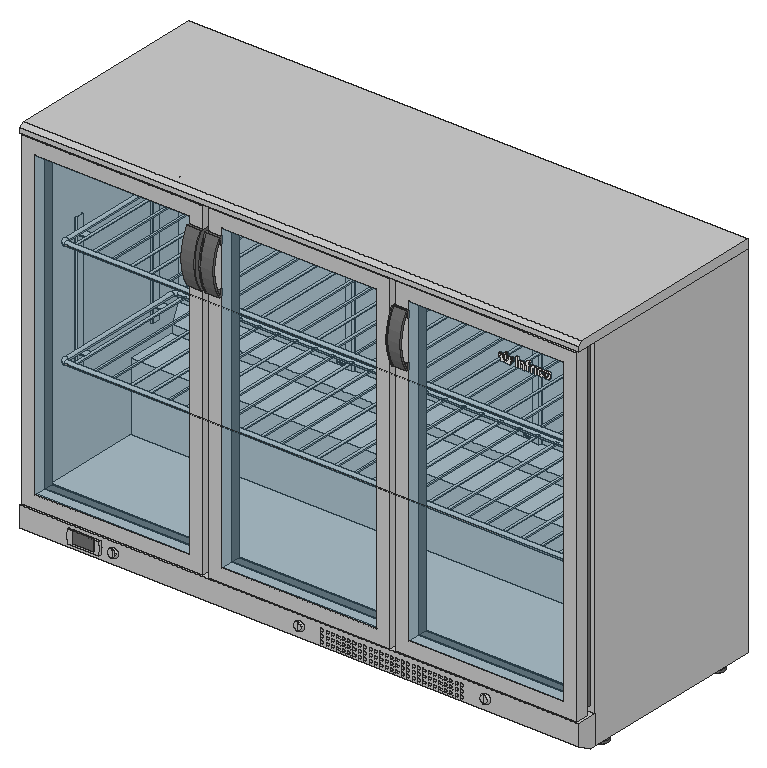
Revit family "QF_INFRICO_ERV35II_250806010822", category Specialty Equipment, Revit 2021
Family settings
  Round Connector Dimension = Use Diameter
  Part Type = Normal
  OmniClass Number = 23.40.40.14
  OmniClass Title = Food Service Equipment
  Work Plane-Based = No
  Always vertical = Yes
  Cut with Voids When Loaded = No
  Shared = No
  Room Calculation Point = No
Parameters (values of type "ERV35II")
  Weight [instance] = 116.00 kg
  Warranty Start Date [instance] = ""
  Warranty Duration [instance] = ""
  Volts [instance] = 230 V
  Volt Free Conn [instance] = no
  URL Recommended Spares List [instance] = ""
  URL Manufacturer [instance] = ""
  URL Cutsheet [instance] = ""
  URL Critical Spares List [instance] = ""
  URL = "www.infrico.com"
  Technical Documentation [instance] = ""
  Tag Number [instance] = ""
  Status [instance] = ""
  Start Up Current [instance] = 0 A
  Specification by User [instance] = ""
  Specification by Manufacturer [instance] = ""
  Sound Level [instance] = ""
  Show Logo [instance] = yes
  Show Clearances [instance] = yes
  Service Life Duration [instance] = ""
  Serial Number [instance] = ""
  Seismic Rating [instance] = ""
  SMACNA No [instance] = ""
  Revision Code [instance] = ""
  Revision [instance] = ""
  Production Year [instance] = ""
  Potential Equalisation [instance] = no
  Point Load [instance] = 0
  Phase [instance] = 1
  Other Equipment Approvals [instance] = ""
  Operational Current [instance] = 0 A
  Number of Poles [instance] = 2
  No Load Power Draw [instance] = no
  NAFEM Spec ID Number [instance] = ""
  Model Warning [instance] = ""
  Model = "ERV35II"
  Min Ckt Ampacity [instance] = 0 A
  Max Overcurrent Protection [instance] = 0 A
  Masterspec [instance] = ""
  Manufacturer = "INFRICO"
  Main switch integrated [instance] = no
  Length Actual [instance] = 1350 mm
  Item Number [instance] = ""
  Installed By [instance] = ""
  Installation Date [instance] = ""
  Identify Quantity as Lot [instance] = no
  ID [instance] = ""
  Hygiene Approval [instance] = ""
  Height Actual [instance] = 920 mm
  HP power [instance] = ""
  Furnished By [instance] = ""
  Foodservice Equipment Identifier [instance] = no
  FL Amps [instance] = 0 A
  Electrical Remarks [instance] = ""
  Electric power [instance] = 260 W
  Electric Connection Type [instance] = ""
  Elec Conn RI Height [instance] = 0 mm
  Elec Conn Connection Height [instance] = 0 mm
  ETL Approved [instance] = no
  Description = "STAINLESS STEEL BACK-BAR 920 MM HEIGHT - THREE DOORS - R290"
  Depth Actual [instance] = 510 mm
  Default Elevation = 0 mm
  Cycle [instance] = 50 Hz
  Cost = 0
  Connection to energy optimisation system [instance] = yes
  Conn Plug [instance] = ""
  Conn Conduit [instance] = no
  Centralized building control system with digital interface [instance] = ""
  CSI MasterFormat [instance] = ""
  CE Approved [instance] = no
  Barcode [instance] = 0
  Author [instance] = ""
  Asset Identifier [instance] = ""
  Apparent Power [instance] = 260 VA
  Accessory [instance] = no
Reference planes
  plane 1 "Center (Front/Back)": y = 0
  plane 2: z = 0
  plane 3 "Center (Left/Right)": x = 0
Forms (mm)
  Extrusion 1, solid, not visible
    sketch origin (670.033, -4, 35.002) x (1, 0, 0) y (0, 1, 0)
      loop
        line (-2, 2) -> (-2, -2) -> (2, -2) -> (2, 2) -> (-2, 2)
    from -2 to 2
Dimensions and locks
  locked: Extrusion 1 to nested 2
  locked: nested 2 to Extrusion 1 at 2
  aligned and locked: level to plane 2
Nested families
  nested 1: "QF_INFRICO_ERV35II_2920" at (0, 0, 0), type "ERV35II"
    with Weight 116.00 kg, Warranty Start Date "", Warranty Duration "", URL Cutsheet "", Technical Documentation "", Tag Number "", Status "", Specification by User "", Specification by Manufacturer "", Sound Level "", Solid Fuel Type "", Show Logo yes, Show Clearances yes, Show Clearance yes, Service Life Duration "", Serial Number "", Seismic Rating "", SMACNA No "", Revision Code "", Revision "", Production Year "", Point Load 0, Other Equipment Approvals "", NAFEM Spec ID Number "", Model Warning "", Masterspec "", Length Actual 1350 mm, Item Number "", Installed By "", Installation Date "", Identify Quantity as Lot yes, ID "", Hygiene Approval "", Height Actual 920 mm, Furnished By "", Foodservice Equipment Identifier yes, ETL Approved yes, Depth Actual 510 mm, CSI MasterFormat "", CE Approved no, Barcode "", Author "", Asset Identifier "", Accessory no
  nested 2: "CONN_POINT_ELE_2D___Generic_Annotation" at (670.033, -2, 35.002), type "CONN_POINT_ELE_2D___Generic_Annotation"
    with Onboard connection annotation symbol visibility yes
Connectors
  electrical at (670.033, -2, 35.002), driven by "Apparent Power", driven by "Number of Poles", driven by "Volts"
    settings: on Extrusion 1, index 1, voltage 230 V, apparent load 0 VA, apparent load phase1 260 VA, apparent load phase2 0 VA, apparent load phase3 0 VA, power factor 1, load classification "Other", number of poles 2, system type 31, power factor state 1, is connector primary yes, connector utility no, sub classification motor no, connector description "Electrical connection for ERV35II"
Definition of nested family "QF_INFRICO_ERV35II_2920"
  Parameters (values of type "ERV35II")
    Weight [instance] = 0.00 kg
    Warranty Start Date [instance] = ""
    Warranty Duration [instance] = ""
    URL Cutsheet [instance] = ""
    URL = "www.infrico.com"
    Technical Documentation [instance] = ""
    Tag Number [instance] = ""
    Status [instance] = ""
    Specification by User [instance] = ""
    Specification by Manufacturer [instance] = ""
    Sound Level [instance] = ""
    Solid Fuel Type [instance] = ""
    Show Logo [instance] = yes
    Show Clearances [instance] = yes
    Show Clearance [instance] = yes
    Service Life Duration [instance] = ""
    Serial Number [instance] = ""
    Seismic Rating [instance] = ""
    SMACNA No [instance] = ""
    Revision Code [instance] = ""
    Revision [instance] = ""
    Production Year [instance] = ""
    Point Load [instance] = 0
    Other Equipment Approvals [instance] = ""
    NAFEM Spec ID Number [instance] = ""
    Model Warning [instance] = ""
    Model = "ERV35II"
    Masterspec [instance] = ""
    Manufacturer = "INFRICO"
    Length Actual [instance] = 0 mm
    Item Number [instance] = ""
    Installed By [instance] = ""
    Installation Date [instance] = ""
    Identify Quantity as Lot [instance] = yes
    ID [instance] = ""
    Hygiene Approval [instance] = ""
    Height Actual [instance] = 0 mm
    Furnished By [instance] = ""
    Foodservice Equipment Identifier [instance] = yes
    ETL Approved [instance] = yes
    Description = "STAINLESS STEEL BACK-BAR 920 MM HEIGHT - THREE DOORS - R290"
    Depth Actual [instance] = 0 mm
    Default Elevation = 0 mm
    CSI MasterFormat [instance] = ""
    CE Approved [instance] = yes
    Barcode [instance] = ""
    Author [instance] = ""
    Asset Identifier [instance] = ""
    Assembly Code = "E1090320"
    Accessory [instance] = yes
  Reference planes
    plane 1 "Back": y = 0
    plane 2: z = 0
    plane 3 "Left": x = 0
    plane 4 "Right": x = 1350
    plane 5 "Front": y = -510
    plane 6 "Top": z = 920
  Forms (mm)
    Extrusion 1, solid
      sketch origin (451, -480, -13) x (1, 0, 0) y (0, 0, 1)
        loop
          line (5, 897.5) -> (5, 97.5) -> (443, 97.5) -> (443, 897.5) -> (5, 897.5)
        loop
          line (411, 865.5) -> (37, 865.5) -> (37, 129.5) -> (411, 129.5) -> (411, 865.5)
      from 0 to 30
    Extrusion 2, solid
      sketch origin (-549, -460, -13) x (1, 0, 0) y (0, 0, 1)
        loop
          line (1015, 887.5) -> (1015, 107.5) -> (1433, 107.5) -> (1433, 887.5) -> (1015, 887.5)
        loop
          line (1037, 865.5) -> (1037, 129.5) -> (1411, 129.5) -> (1411, 865.5) -> (1037, 865.5)
      from 0 to 20
    Extrusion 3, solid, visible <- "Show Logo"
      sketch origin (-4.231, -510, 106.214) x (1, 0, 0) y (0, 0, 1)
        loop
          line (1208.799, 696.53) -> (1208.799, 719.204) -> (1204.173, 719.204) -> (1204.173, 696.53) -> (1208.799, 696.53)
        loop
          line (1214.779, 713.006) -> (1211.283, 713.006) -> (1211.283, 696.53) -> (1215.772, 696.53) -> (1215.772, 707.832)
          arc (1215.772, 707.832) -> (1217.528, 708.741) -> (1219.417, 709.324) r 11.052
          arc (1219.417, 709.324) -> (1220.929, 708.961) -> (1221.598, 707.557) r 1.806
          line (1221.598, 707.557) -> (1221.598, 696.53) -> (1226.121, 696.53) -> (1226.121, 708.689)
          arc (1226.121, 708.689) -> (1224.637, 712.075) -> (1221.141, 713.281) r 4.607
          arc (1221.141, 713.281) -> (1218.282, 712.674) -> (1215.669, 711.361) r 11.435
          line (1215.669, 711.361) -> (1215.601, 712.184)
          arc (1215.601, 712.184) -> (1215.36, 712.765) -> (1214.779, 713.006) r 0.822
        loop
          line (1238.557, 720.102) -> (1237.306, 720.102)
          arc (1237.306, 720.102) -> (1235.052, 719.926) -> (1232.881, 719.297) r 11.103
          arc (1232.881, 719.297) -> (1230.805, 717.616) -> (1230.024, 715.062) r 4.567
          line (1230.024, 715.062) -> (1230.024, 712.909) -> (1227.351, 712.703) -> (1227.351, 709.374) -> (1230.024, 709.374) -> (1230.024, 696.53) -> (1234.547, 696.53) -> (1234.547, 709.374) -> (1238.249, 709.374) -> (1238.249, 712.938) -> (1234.547, 712.938) -> (1234.547, 714.548)
          arc (1234.547, 714.548) -> (1234.956, 715.705) -> (1236.045, 716.271) r 1.67
          line (1236.045, 716.271) -> (1237.7, 716.399)
          arc (1237.7, 716.399) -> (1238.306, 716.65) -> (1238.557, 717.255) r 0.857
          line (1238.557, 717.255) -> (1238.557, 720.102)
        loop
          line (1239.479, 713.006) -> (1239.479, 696.53) -> (1243.968, 696.53) -> (1243.968, 707.352)
          arc (1243.968, 707.352) -> (1245.873, 708.631) -> (1248.077, 709.268) r 7.435
          line (1248.077, 709.268) -> (1249.241, 709.416)
          arc (1249.241, 709.416) -> (1249.643, 709.758) -> (1249.793, 710.265) r 0.928
          line (1249.793, 710.265) -> (1249.793, 712.458)
          arc (1249.793, 712.458) -> (1249.531, 713.061) -> (1248.912, 713.28) r 0.824
          arc (1248.912, 713.28) -> (1246.197, 712.588) -> (1243.899, 710.984) r 7.833
          line (1243.899, 710.984) -> (1243.726, 713.006) -> (1239.479, 713.006)
        loop
          line (1255.495, 696.53) -> (1255.495, 713.006) -> (1251.006, 713.006) -> (1251.006, 696.53) -> (1255.495, 696.53)
        loop
          arc (1257.421, 701.327) -> (1258.567, 698.188) -> (1261.466, 696.525) r 4.873
          arc (1261.466, 696.525) -> (1264.493, 696.266) -> (1267.521, 696.525) r 17.816
          arc (1267.521, 696.525) -> (1270.575, 699.134) -> (1271.505, 703.041) r 6.481
          line (1271.505, 703.041) -> (1267.187, 703.041) -> (1267.187, 701.67)
          arc (1267.187, 701.67) -> (1266.64, 700.452) -> (1265.442, 699.865) r 1.965
          arc (1265.442, 699.865) -> (1264.547, 699.816) -> (1263.653, 699.865) r 8.196
          arc (1263.653, 699.865) -> (1262.417, 700.415) -> (1261.91, 701.67) r 1.806
          line (1261.91, 701.67) -> (1261.91, 707.9)
          arc (1261.91, 707.9) -> (1262.417, 709.155) -> (1263.653, 709.705) r 1.806
          arc (1263.653, 709.705) -> (1264.547, 709.754) -> (1265.442, 709.705) r 8.196
          arc (1265.442, 709.705) -> (1266.64, 709.118) -> (1267.187, 707.9) r 1.965
          line (1267.187, 707.9) -> (1267.187, 706.838) -> (1271.505, 706.838)
          arc (1271.505, 706.838) -> (1270.524, 710.556) -> (1267.521, 712.959) r 6.132
          arc (1267.521, 712.959) -> (1264.493, 713.294) -> (1261.466, 712.959) r 13.851
          arc (1261.466, 712.959) -> (1258.571, 711.349) -> (1257.421, 708.243) r 4.772
          line (1257.421, 708.243) -> (1257.421, 701.327)
        loop
          arc (1272.916, 701.329) -> (1273.993, 698.345) -> (1276.726, 696.734) r 4.676
          arc (1276.726, 696.734) -> (1278.515, 696.455) -> (1280.318, 696.291) r 28.371
          arc (1280.318, 696.291) -> (1282.122, 696.455) -> (1283.911, 696.734) r 28.371
          arc (1283.911, 696.734) -> (1286.644, 698.345) -> (1287.72, 701.329) r 4.676
          line (1287.72, 701.329) -> (1287.72, 708.242)
          arc (1287.72, 708.242) -> (1286.644, 711.226) -> (1283.911, 712.837) r 4.676
          arc (1283.911, 712.837) -> (1282.122, 713.116) -> (1280.318, 713.28) r 28.371
          arc (1280.318, 713.28) -> (1278.515, 713.116) -> (1276.726, 712.837) r 28.371
          arc (1276.726, 712.837) -> (1273.993, 711.226) -> (1272.916, 708.242) r 4.676
          line (1272.916, 708.242) -> (1272.916, 701.329)
        loop
          line (1277.405, 707.866) -> (1277.405, 701.705)
          arc (1277.405, 701.705) -> (1277.844, 700.556) -> (1278.936, 699.991) r 1.725
          arc (1278.936, 699.991) -> (1279.627, 699.918) -> (1280.318, 699.856) r 46.133
          arc (1280.318, 699.856) -> (1281.01, 699.918) -> (1281.701, 699.991) r 46.133
          arc (1281.701, 699.991) -> (1282.793, 700.556) -> (1283.231, 701.705) r 1.725
          line (1283.231, 701.705) -> (1283.231, 707.866)
          arc (1283.231, 707.866) -> (1282.793, 709.015) -> (1281.701, 709.58) r 1.725
          arc (1281.701, 709.58) -> (1281.01, 709.653) -> (1280.318, 709.716) r 46.133
          arc (1280.318, 709.716) -> (1279.627, 709.653) -> (1278.936, 709.58) r 46.133
          arc (1278.936, 709.58) -> (1277.844, 709.015) -> (1277.405, 707.866) r 1.725
        loop
          arc (1190.339, 696.543) -> (1191.411, 696.987) -> (1191.856, 698.059) r 1.516
          line (1191.856, 698.059) -> (1191.856, 703.891) -> (1196.035, 703.891)
          arc (1196.035, 703.891) -> (1196.79, 704.121) -> (1197.218, 704.782) r 1.147
          line (1197.218, 704.782) -> (1197.218, 706.211)
          arc (1197.218, 706.211) -> (1196.787, 707.258) -> (1195.719, 707.634) r 1.385
          line (1195.719, 707.634) -> (1194.52, 707.634) -> (1197.218, 710.332)
          arc (1197.218, 710.332) -> (1197.605, 711.266) -> (1197.218, 712.2) r 1.321
          line (1197.218, 712.2) -> (1196.495, 712.923)
          arc (1196.495, 712.923) -> (1195.54, 713.338) -> (1194.558, 712.991) r 1.422
          line (1194.558, 712.991) -> (1191.853, 710.286) -> (1191.853, 711.479)
          arc (1191.853, 711.479) -> (1191.443, 712.516) -> (1190.435, 712.992) r 1.516
          line (1190.435, 712.992) -> (1189.514, 712.992)
          arc (1189.514, 712.992) -> (1188.511, 712.514) -> (1188.103, 711.479) r 1.516
          line (1188.103, 711.479) -> (1188.103, 706.83) -> (1182.073, 701.336) -> (1182.073, 707.509) -> (1185.639, 711.075)
          arc (1185.639, 711.075) -> (1186.053, 712.073) -> (1185.639, 713.071) r 1.412
          line (1185.639, 713.071) -> (1184.987, 713.723)
          arc (1184.987, 713.723) -> (1183.939, 714.141) -> (1182.915, 713.667) r 1.428
          line (1182.915, 713.667) -> (1182.073, 712.825) -> (1182.073, 717.784)
          arc (1182.073, 717.784) -> (1181.658, 718.787) -> (1180.655, 719.203) r 1.418
          line (1180.655, 719.203) -> (1179.726, 719.203)
          arc (1179.726, 719.203) -> (1178.723, 718.787) -> (1178.308, 717.784) r 1.418
          line (1178.308, 717.784) -> (1178.308, 712.825) -> (1177.466, 713.667)
          arc (1177.466, 713.667) -> (1176.442, 714.141) -> (1175.394, 713.723) r 1.428
          line (1175.394, 713.723) -> (1174.742, 713.071)
          arc (1174.742, 713.071) -> (1174.328, 712.073) -> (1174.742, 711.075) r 1.412
          line (1174.742, 711.075) -> (1178.308, 707.509) -> (1178.308, 701.336) -> (1172.278, 706.83) -> (1172.278, 711.479)
          arc (1172.278, 711.479) -> (1171.87, 712.514) -> (1170.867, 712.992) r 1.516
          line (1170.867, 712.992) -> (1169.946, 712.992)
          arc (1169.946, 712.992) -> (1168.938, 712.516) -> (1168.528, 711.479) r 1.516
          line (1168.528, 711.479) -> (1168.528, 710.286) -> (1165.823, 712.991)
          arc (1165.823, 712.991) -> (1164.841, 713.338) -> (1163.886, 712.923) r 1.422
          line (1163.886, 712.923) -> (1163.163, 712.2)
          arc (1163.163, 712.2) -> (1162.776, 711.266) -> (1163.163, 710.332) r 1.321
          line (1163.163, 710.332) -> (1165.861, 707.634) -> (1164.662, 707.634)
          arc (1164.662, 707.634) -> (1163.594, 707.258) -> (1163.163, 706.211) r 1.385
          line (1163.163, 706.211) -> (1163.163, 704.782)
          arc (1163.163, 704.782) -> (1163.591, 704.121) -> (1164.346, 703.891) r 1.147
          line (1164.346, 703.891) -> (1168.525, 703.891) -> (1168.525, 698.059)
          arc (1168.525, 698.059) -> (1168.969, 696.987) -> (1170.042, 696.543) r 1.516
          line (1170.042, 696.543) -> (1190.339, 696.543)
      from 0 to 2
    Extrusion 4, solid
      sketch origin (-549, -510, -63) x (1, 0, 0) y (0, 0, 1)
        loop
          line (1005, 897.5) -> (1005, 895.5) -> (1037, 880.5) -> (1037, 897.5) -> (1005, 897.5)
      from 0 to 3
    Extrusion 5, solid
      sketch origin (-549, -510, 1602) x (1, 0, 0) y (0, 0, 1)
        loop
          line (1005, -897.5) -> (1037, -897.5) -> (1037, -880.5) -> (1005, -895.5) -> (1005, -897.5)
      from 0 to 3
    Extrusion 6, solid
      sketch origin (-549, 0, -13) x (0, 1, 0) y (0, 0, 1)
        loop
          line (-513, 845.5) -> (-513, 847.5) -> (-518.104, 847.5)
          arc (-518.104, 847.5) -> (-537.038, 782.5) -> (-518.104, 717.5) r 121.038
          line (-518.104, 717.5) -> (-513, 717.5) -> (-513, 719.5) -> (-517, 719.5)
          arc (-517, 719.5) -> (-535.038, 782.5) -> (-517, 845.5) r 119.038
          line (-517, 845.5) -> (-513, 845.5)
      from 1005 to 1037
    Extrusion 7, solid
      sketch origin (-549, 0, 584.5) x (1, 0, 0) y (0, 1, 0)
        loop
          line (1005, -513) -> (1005, -487) -> (1002, -490) -> (1002, -513) -> (1005, -513)
      from 120 to 250
    Extrusion 8, solid
      sketch origin (-549, 0, -13) x (0, 1, 0) y (0, 0, 1)
        loop
          line (-513, 847.5) -> (-518.104, 847.5)
          arc (-518.104, 847.5) -> (-537.038, 782.5) -> (-518.104, 717.5) r 121.038
          line (-518.104, 717.5) -> (-513, 717.5) -> (-513, 847.5)
      from 1002 to 1005
    Extrusion 9, solid
      sketch origin (0, 0, -815) x (0, 1, 0) y (0, 0, 1)
        loop
          line (-458, 931.5) -> (-458, 919.5) -> (-204, 919.5) -> (-204, 1084.5) -> (-81, 1084.5) -> (-81, 1113.667) -> (-61, 1153.667) -> (-61, 1494.333) -> (-81, 1534.333) -> (-81, 1693.5) -> (-458, 1693.5) -> (-458, 1681.5) -> (-93, 1681.5) -> (-93, 1531.5) -> (-73, 1491.5) -> (-73, 1156.5) -> (-93, 1116.5) -> (-93, 1096.5) -> (-216, 1096.5) -> (-216, 931.5) -> (-458, 931.5)
      from 30 to 1320
    Extrusion 10, solid, visible <- "Show Clearance", detail levels coarse
      sketch origin (899, 0, 0) x (-1, 0, 0) y (0, -1, 0)
        loop
          line (5, 510) -> (443, 510)
          arc (443, 510) -> (323.5, 798.5) -> (35, 918) r 408
          line (35, 918) -> (5, 918) -> (5, 510)
      from 84.5 to 884.5
    Extrusion 11, solid
      sketch origin (-549, -508, 0) x (1, 0, 0) y (0, 0, 1)
        loop
          line (1037, 852.5) -> (1037, 116.5) -> (1411, 116.5) -> (1411, 852.5) -> (1037, 852.5)
      from 0 to 2
    Extrusion 12, solid
      sketch origin (-925.627, -156, 332.5) x (1, 0, 0) y (0, 1, 0)
        loop
          line (957.627, 0) -> (958.627, 0) -> (958.627, 1) -> (962.627, 3) -> (962.627, 18) -> (958.627, 20) -> (958.627, 21) -> (957.627, 21) -> (957.627, 19.382) -> (961.627, 17.382) -> (961.627, 3.618) -> (957.627, 1.618) -> (957.627, 0)
      from 0 to 330
    Extrusion 13, solid
      sketch origin (-829.627, -156, 625.5) x (1, 0, 0) y (0, 1, 0)
        loop
          line (862.627, 21) -> (862.627, 20) -> (866.627, 18) -> (866.627, 3) -> (862.627, 1) -> (862.627, 0) -> (892.627, 0) -> (892.627, 21) -> (862.627, 21)
      from 0 to 2
    Extrusion 14, solid
      sketch origin (-829.627, -156, 367.5) x (1, 0, 0) y (0, 1, 0)
        loop
          line (862.627, 21) -> (862.627, 20) -> (866.627, 18) -> (866.627, 3) -> (862.627, 1) -> (862.627, 0) -> (892.627, 0) -> (892.627, 21) -> (862.627, 21)
      from 0 to 2
    Extrusion 15, solid
      sketch origin (-925.627, -386, 332.5) x (1, 0, 0) y (0, 1, 0)
        loop
          line (957.627, 0) -> (958.627, 0) -> (958.627, 1) -> (962.627, 3) -> (962.627, 18) -> (958.627, 20) -> (958.627, 21) -> (957.627, 21) -> (957.627, 19.382) -> (961.627, 17.382) -> (961.627, 3.618) -> (957.627, 1.618) -> (957.627, 0)
      from 0 to 330
    Extrusion 16, solid
      sketch origin (-829.627, -386, 625.5) x (1, 0, 0) y (0, 1, 0)
        loop
          line (862.627, 21) -> (862.627, 20) -> (866.627, 18) -> (866.627, 3) -> (862.627, 1) -> (862.627, 0) -> (892.627, 0) -> (892.627, 21) -> (862.627, 21)
      from 0 to 2
    Extrusion 17, solid
      sketch origin (-829.627, -386, 367.5) x (1, 0, 0) y (0, 1, 0)
        loop
          line (862.627, 21) -> (862.627, 20) -> (866.627, 18) -> (866.627, 3) -> (862.627, 1) -> (862.627, 0) -> (892.627, 0) -> (892.627, 21) -> (862.627, 21)
      from 0 to 2
    Extrusion 18, solid
      sketch origin (2275.627, -156, 332.5) x (-1, 0, 0) y (0, -1, 0)
        loop
          line (957.627, 0) -> (957.627, -1.618) -> (961.627, -3.618) -> (961.627, -17.382) -> (957.627, -19.382) -> (957.627, -21) -> (958.627, -21) -> (958.627, -20) -> (962.627, -18) -> (962.627, -3) -> (958.627, -1) -> (958.627, 0) -> (957.627, 0)
      from 0 to 330
    Extrusion 19, solid
      sketch origin (2179.627, -156, 625.5) x (-1, 0, 0) y (0, -1, 0)
        loop
          line (862.627, -21) -> (892.627, -21) -> (892.627, 0) -> (862.627, 0) -> (862.627, -1) -> (866.627, -3) -> (866.627, -18) -> (862.627, -20) -> (862.627, -21)
      from 0 to 2
    Extrusion 20, solid
      sketch origin (2179.627, -156, 367.5) x (-1, 0, 0) y (0, -1, 0)
        loop
          line (862.627, -21) -> (892.627, -21) -> (892.627, 0) -> (862.627, 0) -> (862.627, -1) -> (866.627, -3) -> (866.627, -18) -> (862.627, -20) -> (862.627, -21)
      from 0 to 2
    Extrusion 21, solid
      sketch origin (2275.627, -386, 332.5) x (-1, 0, 0) y (0, -1, 0)
        loop
          line (957.627, 0) -> (957.627, -1.618) -> (961.627, -3.618) -> (961.627, -17.382) -> (957.627, -19.382) -> (957.627, -21) -> (958.627, -21) -> (958.627, -20) -> (962.627, -18) -> (962.627, -3) -> (958.627, -1) -> (958.627, 0) -> (957.627, 0)
      from 0 to 330
    Extrusion 22, solid
      sketch origin (2179.627, -386, 625.5) x (-1, 0, 0) y (0, -1, 0)
        loop
          line (862.627, -21) -> (892.627, -21) -> (892.627, 0) -> (862.627, 0) -> (862.627, -1) -> (866.627, -3) -> (866.627, -18) -> (862.627, -20) -> (862.627, -21)
      from 0 to 2
    Extrusion 23, solid
      sketch origin (2179.627, -386, 367.5) x (-1, 0, 0) y (0, -1, 0)
        loop
          line (862.627, -21) -> (892.627, -21) -> (892.627, 0) -> (862.627, 0) -> (862.627, -1) -> (866.627, -3) -> (866.627, -18) -> (862.627, -20) -> (862.627, -21)
      from 0 to 2
    Extrusion 24, solid
      sketch origin (447, -480, -13) x (-1, 0, 0) y (0, 0, -1)
        loop
          line (5, -897.5) -> (443, -897.5) -> (443, -97.5) -> (5, -97.5) -> (5, -897.5)
        loop
          line (411, -865.5) -> (411, -129.5) -> (37, -129.5) -> (37, -865.5) -> (411, -865.5)
      from 0 to 30
    Extrusion 25, solid
      sketch origin (1447, -460, -13) x (-1, 0, 0) y (0, 0, -1)
        loop
          line (1015, -887.5) -> (1433, -887.5) -> (1433, -107.5) -> (1015, -107.5) -> (1015, -887.5)
        loop
          line (1037, -865.5) -> (1411, -865.5) -> (1411, -129.5) -> (1037, -129.5) -> (1037, -865.5)
      from 0 to 20
    Extrusion 26, solid
      sketch origin (1447, -510, -63) x (-1, 0, 0) y (0, 0, -1)
        loop
          line (1005, -897.5) -> (1037, -897.5) -> (1037, -880.5) -> (1005, -895.5) -> (1005, -897.5)
      from 0 to 3
    Extrusion 27, solid
      sketch origin (1447, -510, 1602) x (-1, 0, 0) y (0, 0, -1)
        loop
          line (1005, 897.5) -> (1005, 895.5) -> (1037, 880.5) -> (1037, 897.5) -> (1005, 897.5)
      from 0 to 3
    Extrusion 28, solid
      sketch origin (1447, 0, -13) x (0, 1, 0) y (0, 0, -1)
        loop
          line (-513, -845.5) -> (-517, -845.5)
          arc (-517, -845.5) -> (-535.038, -782.5) -> (-517, -719.5) r 119.038
          line (-517, -719.5) -> (-513, -719.5) -> (-513, -717.5) -> (-518.104, -717.5)
          arc (-518.104, -717.5) -> (-537.038, -782.5) -> (-518.104, -847.5) r 121.038
          line (-518.104, -847.5) -> (-513, -847.5) -> (-513, -845.5)
      from 1005 to 1037
    Extrusion 29, solid
      sketch origin (1447, 0, 584.5) x (-1, 0, 0) y (0, -1, 0)
        loop
          line (1005, 513) -> (1002, 513) -> (1002, 490) -> (1005, 487) -> (1005, 513)
      from 120 to 250
    Extrusion 30, solid
      sketch origin (1447, 0, -13) x (0, 1, 0) y (0, 0, -1)
        loop
          line (-513, -847.5) -> (-513, -717.5) -> (-518.104, -717.5)
          arc (-518.104, -717.5) -> (-537.038, -782.5) -> (-518.104, -847.5) r 121.038
          line (-518.104, -847.5) -> (-513, -847.5)
      from 1002 to 1005
    Extrusion 31, solid, visible <- "Show Clearance", detail levels coarse
      sketch origin (-1, 0, 0) x (1, 0, 0) y (0, 1, 0)
        loop
          line (5, -510) -> (5, -918) -> (35, -918)
          arc (35, -918) -> (323.5, -798.5) -> (443, -510) r 408
          line (443, -510) -> (5, -510)
      from 84.5 to 884.5
    Extrusion 32, solid
      sketch origin (1447, -508, 0) x (-1, 0, 0) y (0, 0, -1)
        loop
          line (1037, -852.5) -> (1411, -852.5) -> (1411, -116.5) -> (1037, -116.5) -> (1037, -852.5)
      from 0 to 2
    Extrusion 33, solid
      sketch origin (459.5, -1415.627, 332.5) x (0, 1, 0) y (-1, 0, 0)
        loop
          line (957.627, 0) -> (958.627, 0) -> (958.627, 1) -> (962.627, 3) -> (962.627, 18) -> (958.627, 20) -> (958.627, 21) -> (957.627, 21) -> (957.627, 19.382) -> (961.627, 17.382) -> (961.627, 3.618) -> (957.627, 1.618) -> (957.627, 0)
      from 0 to 330
    Extrusion 34, solid
      sketch origin (460.5, -1319.627, 625.5) x (0, 1, 0) y (-1, 0, 0)
        loop
          line (862.627, 21) -> (862.627, 20) -> (866.627, 18) -> (866.627, 3) -> (862.627, 1) -> (862.627, 0) -> (892.627, 0) -> (892.627, 21) -> (862.627, 21)
      from 0 to 2
    Extrusion 35, solid
      sketch origin (460.5, -1319.627, 367.5) x (0, 1, 0) y (-1, 0, 0)
        loop
          line (862.627, 21) -> (862.627, 20) -> (866.627, 18) -> (866.627, 3) -> (862.627, 1) -> (862.627, 0) -> (892.627, 0) -> (892.627, 21) -> (862.627, 21)
      from 0 to 2
    Extrusion 36, solid
      sketch origin (459.5, 884.627, 332.5) x (0, -1, 0) y (1, 0, 0)
        loop
          line (957.627, 0) -> (957.627, -1.618) -> (961.627, -3.618) -> (961.627, -17.382) -> (957.627, -19.382) -> (957.627, -21) -> (958.627, -21) -> (958.627, -20) -> (962.627, -18) -> (962.627, -3) -> (958.627, -1) -> (958.627, 0) -> (957.627, 0)
      from 9 to 330
    Extrusion 37, solid
      sketch origin (460.5, 788.627, 625.5) x (0, -1, 0) y (1, 0, 0)
        loop
          line (862.627, -21) -> (892.627, -21) -> (892.627, 0) -> (862.627, 0) -> (862.627, -1) -> (866.627, -3) -> (866.627, -18) -> (862.627, -20) -> (862.627, -21)
      from 0 to 2
    Extrusion 38, solid
      sketch origin (460.5, 788.627, 367.5) x (0, -1, 0) y (1, 0, 0)
        loop
          line (862.627, -21) -> (892.627, -21) -> (892.627, 0) -> (862.627, 0) -> (862.627, -1) -> (866.627, -3) -> (866.627, -18) -> (862.627, -20) -> (862.627, -21)
      from 0 to 2
    Extrusion 39, solid
      sketch origin (0, 0, -18) x (0, 1, 0) y (0, 0, 1)
        loop
          line (0, 905) -> (-460, 905) -> (-460, 30) -> (0, 30) -> (0, 905)
      from 0 to 30
    Extrusion 40, solid
      sketch origin (0, 0, -13) x (0, 1, 0) y (0, 0, 1)
        loop
          line (0, 900) -> (0, 920) -> (-500, 920) -> (-510, 910) -> (-510, 900) -> (0, 900)
      from 0 to 1350
    Extrusion 41, solid
      sketch origin (1320, 0, -18) x (0, 1, 0) y (0, 0, 1)
        loop
          line (0, 905) -> (-460, 905) -> (-460, 30) -> (0, 30) -> (0, 905)
      from 0 to 30
    Extrusion 42, solid
      sketch origin (0, 0, -13) x (1, 0, 0) y (0, 0, 1)
        loop
          line (30, 900) -> (30, 254) -> (1320, 254) -> (1320, 900) -> (30, 900)
      from 0 to 12
    Extrusion 43, solid
      sketch origin (0, 0, -13) x (1, 0, 0) y (0, 0, 1)
        loop
          line (30, 254) -> (30, 25) -> (1320, 25) -> (1320, 254) -> (30, 254)
      from 0 to 12
    Extrusion 44, solid
      sketch origin (0, 0, -13) x (0, 1, 0) y (0, 0, 1)
        loop
          line (-12, 25) -> (-12, 35) -> (-460, 35) -> (-460, 25) -> (-12, 25)
      from 30 to 1320
    Extrusion 45, solid
      sketch origin (0, 0, -112) x (0, 1, 0) y (0, 0, 1)
        loop
          line (-460, 144) -> (-510, 144) -> (-473, 124) -> (-460, 124) -> (-460, 144)
      from 0 to 1350
    Extrusion 46, solid
      sketch origin (-856, -515, -482) x (1, 0, 0) y (0, 0, -1)
        loop
          arc (974, -555) -> (1012.5, -557) -> (1051, -555) r 371.563
          arc (1051, -555) -> (1052, -539) -> (1051, -523) r 128.5
          arc (1051, -523) -> (1012.5, -521) -> (974, -523) r 371.563
          arc (974, -523) -> (973, -539) -> (974, -555) r 128.5
      from 0 to 5
    Extrusion 47, solid
      sketch origin (-856, -515.1, -482) x (1, 0, 0) y (0, 0, -1)
        loop
          line (1038, -528.124) -> (987, -528.124) -> (987, -556.124)
          arc (987, -556.124) -> (1012.5, -557) -> (1038, -556.124) r 371.563
          line (1038, -556.124) -> (1038, -528.124)
      from 0 to 2
    Revolve 48, solid
      sketch origin (15, -70, 0) x (0, 1, 0) y (0, 0, 1)
        loop
          line (0, 0) -> (0, 12) -> (-5, 12) -> (-5, 9.5) -> (-13, 9.5)
          arc (-13, 9.5) -> (-14.414, 8.914) -> (-15, 7.5) r 2
          line (-15, 7.5) -> (-15, 2.5) -> (-12, 2.5) -> (-12, 0) -> (0, 0)
        axis (0, 0) -> (0, 12)
      angle from 0 to 360
    Revolve 49, solid
      sketch origin (15, -420, 0) x (0, 1, 0) y (0, 0, 1)
        loop
          line (0, 0) -> (0, 12) -> (-5, 12) -> (-5, 9.5) -> (-13, 9.5)
          arc (-13, 9.5) -> (-14.414, 8.914) -> (-15, 7.5) r 2
          line (-15, 7.5) -> (-15, 2.5) -> (-12, 2.5) -> (-12, 0) -> (0, 0)
        axis (0, 0) -> (0, 12)
      angle from 0 to 360
    Revolve 50, solid
      sketch origin (1335, -70, 0) x (0, 1, 0) y (0, 0, 1)
        loop
          line (0, 0) -> (0, 12) -> (-5, 12) -> (-5, 9.5) -> (-13, 9.5)
          arc (-13, 9.5) -> (-14.414, 8.914) -> (-15, 7.5) r 2
          line (-15, 7.5) -> (-15, 2.5) -> (-12, 2.5) -> (-12, 0) -> (0, 0)
        axis (0, 0) -> (0, 12)
      angle from 0 to 360
    Revolve 51, solid
      sketch origin (1335, -420, 0) x (0, 1, 0) y (0, 0, 1)
        loop
          line (0, 0) -> (0, 12) -> (-5, 12) -> (-5, 9.5) -> (-13, 9.5)
          arc (-13, 9.5) -> (-14.414, 8.914) -> (-15, 7.5) r 2
          line (-15, 7.5) -> (-15, 2.5) -> (-12, 2.5) -> (-12, 0) -> (0, 0)
        axis (0, 0) -> (0, 12)
      angle from 0 to 360
    Revolve 52, solid
      sketch origin (225, 0, 13.5) x (0, 1, 0) y (0, 0, 1)
        loop
          line (-515, 34.5) -> (-510, 32) -> (-510, 43.5) -> (-515, 43.5) -> (-515, 34.5)
        axis (-510, 43.5) -> (-515, 43.5)
      angle from 0 to 360
    Revolve 53, solid
      sketch origin (675, 0, 13.5) x (0, 1, 0) y (0, 0, -1)
        loop
          line (-515, -34.5) -> (-515, -43.5) -> (-510, -43.5) -> (-510, -32) -> (-515, -34.5)
        axis (-510, -43.5) -> (-515, -43.5)
      angle from 0 to 360
    Revolve 54, solid
      sketch origin (1125, 0, 13.5) x (0, 1, 0) y (0, 0, -1)
        loop
          line (-515, -34.5) -> (-515, -43.5) -> (-510, -43.5) -> (-510, -32) -> (-515, -34.5)
        axis (-510, -43.5) -> (-515, -43.5)
      angle from 0 to 360
    Extrusion 55, solid
      sketch origin (903, -480, -13) x (1, 0, 0) y (0, 0, 1)
        loop
          line (5, 897.5) -> (5, 97.5) -> (443, 97.5) -> (443, 897.5) -> (5, 897.5)
        loop
          line (411, 865.5) -> (37, 865.5) -> (37, 129.5) -> (411, 129.5) -> (411, 865.5)
      from 0 to 30
    Extrusion 56, solid
      sketch origin (-97, -460, -13) x (1, 0, 0) y (0, 0, 1)
        loop
          line (1015, 887.5) -> (1015, 107.5) -> (1433, 107.5) -> (1433, 887.5) -> (1015, 887.5)
        loop
          line (1037, 865.5) -> (1037, 129.5) -> (1411, 129.5) -> (1411, 865.5) -> (1037, 865.5)
      from 0 to 20
    Extrusion 57, solid
      sketch origin (-97, -510, -63) x (1, 0, 0) y (0, 0, 1)
        loop
          line (1005, 897.5) -> (1005, 895.5) -> (1037, 880.5) -> (1037, 897.5) -> (1005, 897.5)
      from 0 to 3
    Extrusion 58, solid
      sketch origin (-97, -510, 1602) x (1, 0, 0) y (0, 0, 1)
        loop
          line (1005, -897.5) -> (1037, -897.5) -> (1037, -880.5) -> (1005, -895.5) -> (1005, -897.5)
      from 0 to 3
    Extrusion 59, solid
      sketch origin (-97, 0, -13) x (0, 1, 0) y (0, 0, 1)
        loop
          line (-513, 845.5) -> (-513, 847.5) -> (-518.104, 847.5)
          arc (-518.104, 847.5) -> (-537.038, 782.5) -> (-518.104, 717.5) r 121.038
          line (-518.104, 717.5) -> (-513, 717.5) -> (-513, 719.5) -> (-517, 719.5)
          arc (-517, 719.5) -> (-535.038, 782.5) -> (-517, 845.5) r 119.038
          line (-517, 845.5) -> (-513, 845.5)
      from 1005 to 1037
    Extrusion 60, solid
      sketch origin (-97, 0, 584.5) x (1, 0, 0) y (0, 1, 0)
        loop
          line (1005, -513) -> (1005, -487) -> (1002, -490) -> (1002, -513) -> (1005, -513)
      from 120 to 250
    Extrusion 61, solid
      sketch origin (-97, 0, -13) x (0, 1, 0) y (0, 0, 1)
        loop
          line (-513, 847.5) -> (-518.104, 847.5)
          arc (-518.104, 847.5) -> (-537.038, 782.5) -> (-518.104, 717.5) r 121.038
          line (-518.104, 717.5) -> (-513, 717.5) -> (-513, 847.5)
      from 1002 to 1005
    Extrusion 62, solid, visible <- "Show Clearance", detail levels coarse
      sketch origin (1351, 0, 0) x (-1, 0, 0) y (0, -1, 0)
        loop
          line (5, 510) -> (443, 510)
          arc (443, 510) -> (323.5, 798.5) -> (35, 918) r 408
          line (35, 918) -> (5, 918) -> (5, 510)
      from 84.5 to 884.5
    Extrusion 63, solid
      sketch origin (-97, -508, 0) x (1, 0, 0) y (0, 0, 1)
        loop
          line (1037, 852.5) -> (1037, 116.5) -> (1411, 116.5) -> (1411, 852.5) -> (1037, 852.5)
      from 0 to 2
    Extrusion 64, solid
      sketch origin (-413, 0, 1331.91) x (1, 0, 0) y (0, 1, 0)
        loop
          line (887, -460) -> (887, -458) -> (837, -458) -> (837, -460) -> (887, -460)
      from -1249.91 to -444.91
    Extrusion 65, solid
      sketch origin (39, 0, 1331.91) x (1, 0, 0) y (0, 1, 0)
        loop
          line (887, -460) -> (887, -458) -> (837, -458) -> (837, -460) -> (887, -460)
      from -1249.91 to -444.91
    Extrusion 66, solid
      sketch origin (911.5, -1415.627, 332.5) x (0, 1, 0) y (-1, 0, 0)
        loop
          line (957.627, 0) -> (958.627, 0) -> (958.627, 1) -> (962.627, 3) -> (962.627, 18) -> (958.627, 20) -> (958.627, 21) -> (957.627, 21) -> (957.627, 19.382) -> (961.627, 17.382) -> (961.627, 3.618) -> (957.627, 1.618) -> (957.627, 0)
      from 0 to 330
    Extrusion 67, solid
      sketch origin (912.5, -1319.627, 625.5) x (0, 1, 0) y (-1, 0, 0)
        loop
          line (862.627, 21) -> (862.627, 20) -> (866.627, 18) -> (866.627, 3) -> (862.627, 1) -> (862.627, 0) -> (892.627, 0) -> (892.627, 21) -> (862.627, 21)
      from 0 to 2
    Extrusion 68, solid
      sketch origin (912.5, -1319.627, 367.5) x (0, 1, 0) y (-1, 0, 0)
        loop
          line (862.627, 21) -> (862.627, 20) -> (866.627, 18) -> (866.627, 3) -> (862.627, 1) -> (862.627, 0) -> (892.627, 0) -> (892.627, 21) -> (862.627, 21)
      from 0 to 2
    Extrusion 69, solid
      sketch origin (911.5, 884.627, 332.5) x (0, -1, 0) y (1, 0, 0)
        loop
          line (957.627, 0) -> (957.627, -1.618) -> (961.627, -3.618) -> (961.627, -17.382) -> (957.627, -19.382) -> (957.627, -21) -> (958.627, -21) -> (958.627, -20) -> (962.627, -18) -> (962.627, -3) -> (958.627, -1) -> (958.627, 0) -> (957.627, 0)
      from 9 to 330
    Extrusion 70, solid
      sketch origin (912.5, 788.627, 625.5) x (0, -1, 0) y (1, 0, 0)
        loop
          line (862.627, -21) -> (892.627, -21) -> (892.627, 0) -> (862.627, 0) -> (862.627, -1) -> (866.627, -3) -> (866.627, -18) -> (862.627, -20) -> (862.627, -21)
      from 0 to 2
    Extrusion 71, solid
      sketch origin (912.5, 788.627, 367.5) x (0, -1, 0) y (1, 0, 0)
        loop
          line (862.627, -21) -> (892.627, -21) -> (892.627, 0) -> (862.627, 0) -> (862.627, -1) -> (866.627, -3) -> (866.627, -18) -> (862.627, -20) -> (862.627, -21)
      from 0 to 2
    Extrusion 72, solid
      sketch origin (0, 0, 0) x (0, 1, 0) y (0, 0, 1)
        loop
          line (-458, 878.5) -> (-458, 887) -> (-460, 887) -> (-460, 878.5) -> (-458, 878.5)
      from 30 to 424
    Extrusion 73, solid
      sketch origin (0, 0, -796.5) x (0, 1, 0) y (0, 0, 1)
        loop
          line (-458, 878.5) -> (-458, 901) -> (-460, 901) -> (-460, 878.5) -> (-458, 878.5)
      from 30 to 424
    Extrusion 74, solid
      sketch origin (457, 0, -796.5) x (0, 1, 0) y (0, 0, 1)
        loop
          line (-458, 878.5) -> (-458, 901) -> (-460, 901) -> (-460, 878.5) -> (-458, 878.5)
      from 17 to 419
    Extrusion 75, solid
      sketch origin (457, 0, 0) x (0, 1, 0) y (0, 0, 1)
        loop
          line (-458, 878.5) -> (-458, 887) -> (-460, 887) -> (-460, 878.5) -> (-458, 878.5)
      from 17 to 419
    Extrusion 76, solid
      sketch origin (909, 0, -796.5) x (0, 1, 0) y (0, 0, 1)
        loop
          line (-458, 878.5) -> (-458, 901) -> (-460, 901) -> (-460, 878.5) -> (-458, 878.5)
      from 17 to 411
    Extrusion 77, solid
      sketch origin (909, 0, 0) x (0, 1, 0) y (0, 0, 1)
        loop
          line (-458, 878.5) -> (-458, 887) -> (-460, 887) -> (-460, 878.5) -> (-458, 878.5)
      from 17 to 411
    Extrusion 78, solid
      sketch origin (0, 1000, 0) x (0, 1, 0) y (0, 0, 1)
        loop
          line (-1460, 866.5) -> (-1460, 116.5) -> (-1216, 116.5) -> (-1216, 281.5) -> (-1093, 281.5) -> (-1093, 301.5) -> (-1073, 341.5) -> (-1073, 676.5) -> (-1093, 716.5) -> (-1093, 866.5) -> (-1460, 866.5)
      from 30 to 32
    Extrusion 79, solid
      sketch origin (1288, 1000, 0) x (0, 1, 0) y (0, 0, 1)
        loop
          line (-1460, 866.5) -> (-1460, 116.5) -> (-1216, 116.5) -> (-1216, 281.5) -> (-1093, 281.5) -> (-1093, 301.5) -> (-1073, 341.5) -> (-1073, 676.5) -> (-1093, 716.5) -> (-1093, 866.5) -> (-1460, 866.5)
      from 30 to 32
    Sweep 80, solid
      path origin (-1000, 0, 632.5) x (1, 0, 0) y (0, 1, 0)
        loop
          arc (1052, -95) -> (1044.929, -97.929) -> (1042, -105) r 10
          line (1042, -105) -> (1042, -425)
          arc (1042, -425) -> (1044.929, -432.071) -> (1052, -435) r 10
          line (1052, -435) -> (2298, -435)
          arc (2298, -435) -> (2305.071, -432.071) -> (2308, -425) r 10
          line (2308, -425) -> (2308, -105)
          arc (2308, -105) -> (2305.071, -97.929) -> (2298, -95) r 10
          line (2298, -95) -> (1052, -95)
      profile origin (675, -95, 632.5) x (0, 1, 0) y (0, 0, 1)
        loop
          circle (0, 0) r 5
    Extrusion 81, solid
      sketch origin (-1000, 5, -800.5) x (1, 0, 0) y (0, 0, 1)
        loop
          circle (1337.5, 1433) r 2.5
        loop
          circle (1382.5, 1433) r 2.5
        loop
          circle (1427.5, 1433) r 2.5
        loop
          circle (1472.5, 1433) r 2.5
        loop
          circle (1517.5, 1433) r 2.5
        loop
          circle (1067.5, 1433) r 2.5
        loop
          circle (1112.5, 1433) r 2.5
        loop
          circle (1157.5, 1433) r 2.5
        loop
          circle (1202.5, 1433) r 2.5
        loop
          circle (1247.5, 1433) r 2.5
        loop
          circle (1292.5, 1433) r 2.5
        loop
          circle (1562.5, 1433) r 2.5
        loop
          circle (1607.5, 1433) r 2.5
        loop
          circle (1652.5, 1433) r 2.5
        loop
          circle (1697.5, 1433) r 2.5
        loop
          circle (1742.5, 1433) r 2.5
        loop
          circle (1787.5, 1433) r 2.5
        loop
          circle (1832.5, 1433) r 2.5
        loop
          circle (1877.5, 1433) r 2.5
        loop
          circle (1922.5, 1433) r 2.5
        loop
          circle (1967.5, 1433) r 2.5
        loop
          circle (2012.5, 1433) r 2.5
        loop
          circle (2057.5, 1433) r 2.5
        loop
          circle (2102.5, 1433) r 2.5
        loop
          circle (2147.5, 1433) r 2.5
        loop
          circle (2192.5, 1433) r 2.5
        loop
          circle (2237.5, 1433) r 2.5
        loop
          circle (2282.5, 1433) r 2.5
      from 100 to 440
    Sweep 82, solid
      path origin (-1000, 0, 374.5) x (1, 0, 0) y (0, 1, 0)
        loop
          arc (1052, -95) -> (1044.929, -97.929) -> (1042, -105) r 10
          line (1042, -105) -> (1042, -425)
          arc (1042, -425) -> (1044.929, -432.071) -> (1052, -435) r 10
          line (1052, -435) -> (2298, -435)
          arc (2298, -435) -> (2305.071, -432.071) -> (2308, -425) r 10
          line (2308, -425) -> (2308, -105)
          arc (2308, -105) -> (2305.071, -97.929) -> (2298, -95) r 10
          line (2298, -95) -> (1052, -95)
      profile origin (675, -95, 374.5) x (0, 1, 0) y (0, 0, 1)
        loop
          circle (0, 0) r 5
    Extrusion 83, solid
      sketch origin (-1000, 5, -1058.5) x (1, 0, 0) y (0, 0, 1)
        loop
          circle (1337.5, 1433) r 2.5
        loop
          circle (1382.5, 1433) r 2.5
        loop
          circle (1427.5, 1433) r 2.5
        loop
          circle (1472.5, 1433) r 2.5
        loop
          circle (1517.5, 1433) r 2.5
        loop
          circle (1067.5, 1433) r 2.5
        loop
          circle (1112.5, 1433) r 2.5
        loop
          circle (1157.5, 1433) r 2.5
        loop
          circle (1202.5, 1433) r 2.5
        loop
          circle (1247.5, 1433) r 2.5
        loop
          circle (1292.5, 1433) r 2.5
        loop
          circle (1607.5, 1433) r 2.5
        loop
          circle (1652.5, 1433) r 2.5
        loop
          circle (1697.5, 1433) r 2.5
        loop
          circle (1742.5, 1433) r 2.5
        loop
          circle (1787.5, 1433) r 2.5
        loop
          circle (1562.5, 1433) r 2.5
        loop
          circle (1832.5, 1433) r 2.5
        loop
          circle (1877.5, 1433) r 2.5
        loop
          circle (1922.5, 1433) r 2.5
        loop
          circle (1967.5, 1433) r 2.5
        loop
          circle (2057.5, 1433) r 2.5
        loop
          circle (2102.5, 1433) r 2.5
        loop
          circle (2147.5, 1433) r 2.5
        loop
          circle (2192.5, 1433) r 2.5
        loop
          circle (2237.5, 1433) r 2.5
        loop
          circle (2012.5, 1433) r 2.5
        loop
          circle (2282.5, 1433) r 2.5
      from 100 to 440
    Extrusion 84, solid
      sketch origin (-1000, 0, 0) x (1, 0, 0) y (0, 0, 1)
        loop
          line (1000, 82) -> (1000, 32) -> (2350, 32) -> (2350, 82) -> (1000, 82)
        loop
          line (1727, 70) -> (1727, 62) -> (1735, 62) -> (1735, 70) -> (1727, 70)
        loop
          line (1740, 70) -> (1740, 62) -> (1748, 62) -> (1748, 70) -> (1740, 70)
        loop
          line (1753, 70) -> (1753, 62) -> (1761, 62) -> (1761, 70) -> (1753, 70)
        loop
          line (1766, 70) -> (1766, 62) -> (1774, 62) -> (1774, 70) -> (1766, 70)
        loop
          line (1779, 70) -> (1779, 62) -> (1787, 62) -> (1787, 70) -> (1779, 70)
        loop
          line (1792, 70) -> (1792, 62) -> (1800, 62) -> (1800, 70) -> (1792, 70)
        loop
          line (1805, 70) -> (1805, 62) -> (1813, 62) -> (1813, 70) -> (1805, 70)
        loop
          line (1818, 70) -> (1818, 62) -> (1826, 62) -> (1826, 70) -> (1818, 70)
        loop
          line (1831, 70) -> (1831, 62) -> (1839, 62) -> (1839, 70) -> (1831, 70)
        loop
          line (1844, 70) -> (1844, 62) -> (1852, 62) -> (1852, 70) -> (1844, 70)
        loop
          line (1857, 70) -> (1857, 62) -> (1865, 62) -> (1865, 70) -> (1857, 70)
        loop
          line (1727, 57) -> (1727, 49) -> (1735, 49) -> (1735, 57) -> (1727, 57)
        loop
          line (1740, 57) -> (1740, 49) -> (1748, 49) -> (1748, 57) -> (1740, 57)
        loop
          line (1753, 57) -> (1753, 49) -> (1761, 49) -> (1761, 57) -> (1753, 57)
        loop
          line (1766, 57) -> (1766, 49) -> (1774, 49) -> (1774, 57) -> (1766, 57)
        loop
          line (1779, 57) -> (1779, 49) -> (1787, 49) -> (1787, 57) -> (1779, 57)
        loop
          line (1792, 57) -> (1792, 49) -> (1800, 49) -> (1800, 57) -> (1792, 57)
        loop
          line (1805, 57) -> (1805, 49) -> (1813, 49) -> (1813, 57) -> (1805, 57)
        loop
          line (1818, 57) -> (1818, 49) -> (1826, 49) -> (1826, 57) -> (1818, 57)
        loop
          line (1831, 57) -> (1831, 49) -> (1839, 49) -> (1839, 57) -> (1831, 57)
        loop
          line (1844, 57) -> (1844, 49) -> (1852, 49) -> (1852, 57) -> (1844, 57)
        loop
          line (1857, 57) -> (1857, 49) -> (1865, 49) -> (1865, 57) -> (1857, 57)
        loop
          line (1727, 44) -> (1727, 36) -> (1735, 36) -> (1735, 44) -> (1727, 44)
        loop
          line (1740, 44) -> (1740, 36) -> (1748, 36) -> (1748, 44) -> (1740, 44)
        loop
          line (1753, 44) -> (1753, 36) -> (1761, 36) -> (1761, 44) -> (1753, 44)
        loop
          line (1766, 44) -> (1766, 36) -> (1774, 36) -> (1774, 44) -> (1766, 44)
        loop
          line (1779, 44) -> (1779, 36) -> (1787, 36) -> (1787, 44) -> (1779, 44)
        loop
          line (1792, 44) -> (1792, 36) -> (1800, 36) -> (1800, 44) -> (1792, 44)
        loop
          line (1805, 44) -> (1805, 36) -> (1813, 36) -> (1813, 44) -> (1805, 44)
        loop
          line (1818, 44) -> (1818, 36) -> (1826, 36) -> (1826, 44) -> (1818, 44)
        loop
          line (1831, 44) -> (1831, 36) -> (1839, 36) -> (1839, 44) -> (1831, 44)
        loop
          line (1844, 44) -> (1844, 36) -> (1852, 36) -> (1852, 44) -> (1844, 44)
        loop
          line (1857, 44) -> (1857, 36) -> (1865, 36) -> (1865, 44) -> (1857, 44)
        loop
          line (1870, 70) -> (1870, 62) -> (1878, 62) -> (1878, 70) -> (1870, 70)
        loop
          line (1883, 70) -> (1883, 62) -> (1891, 62) -> (1891, 70) -> (1883, 70)
        loop
          line (1896, 70) -> (1896, 62) -> (1904, 62) -> (1904, 70) -> (1896, 70)
        loop
          line (1909, 70) -> (1909, 62) -> (1917, 62) -> (1917, 70) -> (1909, 70)
        loop
          line (1922, 70) -> (1922, 62) -> (1930, 62) -> (1930, 70) -> (1922, 70)
        loop
          line (1935, 70) -> (1935, 62) -> (1943, 62) -> (1943, 70) -> (1935, 70)
        loop
          line (1948, 70) -> (1948, 62) -> (1956, 62) -> (1956, 70) -> (1948, 70)
        loop
          line (1961, 70) -> (1961, 62) -> (1969, 62) -> (1969, 70) -> (1961, 70)
        loop
          line (1974, 70) -> (1974, 62) -> (1982, 62) -> (1982, 70) -> (1974, 70)
        loop
          line (1987, 70) -> (1987, 62) -> (1995, 62) -> (1995, 70) -> (1987, 70)
        loop
          line (2000, 70) -> (2000, 62) -> (2008, 62) -> (2008, 70) -> (2000, 70)
        loop
          line (1870, 57) -> (1870, 49) -> (1878, 49) -> (1878, 57) -> (1870, 57)
        loop
          line (1883, 57) -> (1883, 49) -> (1891, 49) -> (1891, 57) -> (1883, 57)
        loop
          line (1896, 57) -> (1896, 49) -> (1904, 49) -> (1904, 57) -> (1896, 57)
        loop
          line (1909, 57) -> (1909, 49) -> (1917, 49) -> (1917, 57) -> (1909, 57)
        loop
          line (1922, 57) -> (1922, 49) -> (1930, 49) -> (1930, 57) -> (1922, 57)
        loop
          line (1935, 57) -> (1935, 49) -> (1943, 49) -> (1943, 57) -> (1935, 57)
        loop
          line (1948, 57) -> (1948, 49) -> (1956, 49) -> (1956, 57) -> (1948, 57)
        loop
          line (1961, 57) -> (1961, 49) -> (1969, 49) -> (1969, 57) -> (1961, 57)
        loop
          line (1974, 57) -> (1974, 49) -> (1982, 49) -> (1982, 57) -> (1974, 57)
        loop
          line (1987, 57) -> (1987, 49) -> (1995, 49) -> (1995, 57) -> (1987, 57)
        loop
          line (2000, 57) -> (2000, 49) -> (2008, 49) -> (2008, 57) -> (2000, 57)
        loop
          line (1870, 44) -> (1870, 36) -> (1878, 36) -> (1878, 44) -> (1870, 44)
        loop
          line (1883, 44) -> (1883, 36) -> (1891, 36) -> (1891, 44) -> (1883, 44)
        loop
          line (1896, 44) -> (1896, 36) -> (1904, 36) -> (1904, 44) -> (1896, 44)
        loop
          line (1909, 44) -> (1909, 36) -> (1917, 36) -> (1917, 44) -> (1909, 44)
        loop
          line (1922, 44) -> (1922, 36) -> (1930, 36) -> (1930, 44) -> (1922, 44)
        loop
          line (1935, 44) -> (1935, 36) -> (1943, 36) -> (1943, 44) -> (1935, 44)
        loop
          line (1948, 44) -> (1948, 36) -> (1956, 36) -> (1956, 44) -> (1948, 44)
        loop
          line (1961, 44) -> (1961, 36) -> (1969, 36) -> (1969, 44) -> (1961, 44)
        loop
          line (1974, 44) -> (1974, 36) -> (1982, 36) -> (1982, 44) -> (1974, 44)
        loop
          line (1987, 44) -> (1987, 36) -> (1995, 36) -> (1995, 44) -> (1987, 44)
        loop
          line (2000, 44) -> (2000, 36) -> (2008, 36) -> (2008, 44) -> (2000, 44)
        loop
          line (2013, 70) -> (2013, 62) -> (2021, 62) -> (2021, 70) -> (2013, 70)
        loop
          line (2026, 70) -> (2026, 62) -> (2034, 62) -> (2034, 70) -> (2026, 70)
        loop
          line (2039, 70) -> (2039, 62) -> (2047, 62) -> (2047, 70) -> (2039, 70)
        loop
          line (2052, 70) -> (2052, 62) -> (2060, 62) -> (2060, 70) -> (2052, 70)
        loop
          line (2065, 70) -> (2065, 62) -> (2073, 62) -> (2073, 70) -> (2065, 70)
        loop
          line (2013, 57) -> (2013, 49) -> (2021, 49) -> (2021, 57) -> (2013, 57)
        loop
          line (2026, 57) -> (2026, 49) -> (2034, 49) -> (2034, 57) -> (2026, 57)
        loop
          line (2039, 57) -> (2039, 49) -> (2047, 49) -> (2047, 57) -> (2039, 57)
        loop
          line (2052, 57) -> (2052, 49) -> (2060, 49) -> (2060, 57) -> (2052, 57)
        loop
          line (2065, 57) -> (2065, 49) -> (2073, 49) -> (2073, 57) -> (2065, 57)
        loop
          line (2013, 44) -> (2013, 36) -> (2021, 36) -> (2021, 44) -> (2013, 44)
        loop
          line (2026, 44) -> (2026, 36) -> (2034, 36) -> (2034, 44) -> (2026, 44)
        loop
          line (2039, 44) -> (2039, 36) -> (2047, 36) -> (2047, 44) -> (2039, 44)
        loop
          line (2052, 44) -> (2052, 36) -> (2060, 36) -> (2060, 44) -> (2052, 44)
        loop
          line (2065, 44) -> (2065, 36) -> (2073, 36) -> (2073, 44) -> (2065, 44)
      from 460 to 510
  Cuts and joins
    joined: Extrusion 4, Extrusion 5, Extrusion 6, Extrusion 7, Extrusion 8
    joined: Extrusion 26, Extrusion 27, Extrusion 28, Extrusion 29, Extrusion 30
    joined: Extrusion 39, Extrusion 64, Extrusion 65, Extrusion 72, Extrusion 73, Extrusion 74, Extrusion 75, Extrusion 76, Extrusion 77
    joined: Extrusion 45, Extrusion 84
  Lines and regions (mm)
    symbolic lines
      curve 1: line (0, 0, 0) -> (1350, 0, 0)
      curve 2: line (0, -510, 0) -> (0, 0, 0)
      curve 3: line (1350, -510, 0) -> (0, -510, 0)
      curve 4: line (1350, 0, 0) -> (1350, -510, 0)
      curve 5: line (0, -500, 0) -> (1350, -500, 0)
      curve 8: arc (456, -510, 0) -> (575.5, -798.5, 0) -> (864, -918, 0) r 408
      curve 11: arc (442, -510, 0) -> (322.5, -798.5, 0) -> (34, -918, 0) r 408
      curve 14: arc (908, -510, 0) -> (1027.5, -798.5, 0) -> (1316, -918, 0) r 408
    symbolic lines, visible <- "Show Clearance"
      curve 6: line (864, -918, 0) -> (894, -918, 0)
      curve 7: line (894, -918, 0) -> (894, -510, 0)
      curve 9: line (34, -918, 0) -> (4, -918, 0)
      curve 10: line (4, -918, 0) -> (4, -510, 0)
      curve 12: line (1316, -918, 0) -> (1346, -918, 0)
      curve 13: line (1346, -918, 0) -> (1346, -510, 0)
  Dimensions and locks
    plane 1 "Back" to plane 5 "Front" = 510 mm  (x2)
    plane 3 "Left" to plane 4 "Right" = 1350 mm
    plane 6 "Top" to level = 920 mm  (x2)
    plane 4 "Right" to plane 3 "Left" = 1350 mm
    aligned and locked: level to plane 2
Definition of nested family "CONN_POINT_ELE_2D___Generic_Annotation"
  Parameters (values of type "CONN_POINT_ELE_2D___Generic_Annotation")
    Onboard connection annotation symbol visibility [instance] = yes
  Reference planes
    plane 1: y = 0
    plane 2: x = 0
  Lines and regions (mm)
    detail lines, visible <- "Onboard connection annotation symbol visibility"
      curve 1: circle (0, 0, 0) r 0.5 normal (0, 0, 1)
      curve 2: line (-1, 0, 0) -> (1, 0, 0)
      curve 3: line (0, 1, 0) -> (0, -1, 0)
      curve 4: line (2.5, 1, 0) -> (1.25, 1, 0)
      curve 5: line (1.25, 1, 0) -> (1.25, -1, 0)
      curve 6: line (1.25, -1, 0) -> (2.5, -1, 0)
      curve 7: line (1.25, 0, 0) -> (2, 0, 0)
